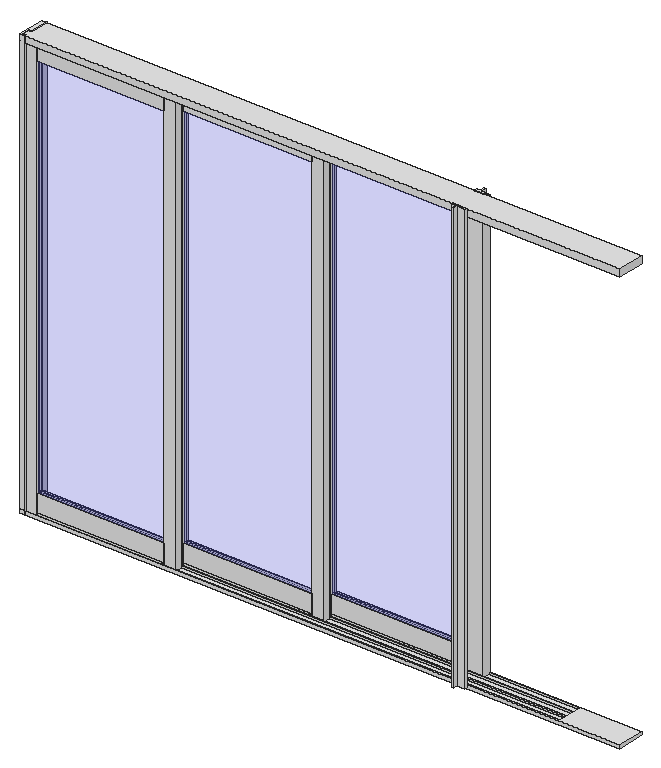
Revit family "Door-Sliding-All_Weather-Series_8100-Pocket", category Doors, host Wall, Revit 2026
Family settings
  Host = Wall
  Classification Number = 23.30.10.00
  Always vertical = Yes
  Cut with Voids When Loaded = No
  Shared = No
  Room Calculation Point = No
Parameters (values of type "Pocket Door - XXXP")
  Wall Thickness [instance] = 1' - 3"
  URL = "https://www.allweatheraa.com/"
  Type Comments = "Multi-Panel Sliding Door"  # constant formula
  Specification = ""
  Requested Opening Width = 8' - 0"
  Requested Height = 8' - 0"
  Product Page URL = "https://www.allweatheraa.com/doors/series-8100-sliding-doors/"
  Product Name = "Series 8100"  # constant formula
  Product Documentation Link = "https://www.allweatheraa.com/download/4291/"
  Pocket Width = Panel Width + 0' 2"  # 3' - 0.16667"
  Panel Width End Panel = Panel Width + 0' 1 27/128" + 0' 0 3/8"  # 2' - 11.7526"
  Panel Offset = if([3 Track], 0' 4 243/256", 0' 2 31/32")  # 0' - 4 243/256"
  Min Width = if([3 Track], (3 * Min Panel Width) + 0' 1 5/8", if([4 Track], (4 * Min Panel Width) + 0' 1 5/8", (2 * Min Panel Width) + 0' 1 5/8"))  # 5' - 3 1/8"
  Min Panel Width = 1' - 8 1/2"  # constant formula
  Max Width = if([3 Track], (3 * Max Panel Width) + 0' 1 5/8", if([4 Track], (4 * Max Panel Width) + 0' 1 5/8", (2 * Max Panel Width) + 0' 1 5/8"))  # 18' - 1 5/8"
  Max Panel Width = 6' - 0"  # constant formula
  Max Panel Height = 12' 0" + 0' 1 1/4"  # 12' - 1 1/4"
  Jamb Extensions = no
  Jamb Ext Finish = Metal-Aluminum-All_Weather-Standard-White
  Jamb Depth [instance] = if(Jamb Calc > 0' 0 1/8", Jamb Calc, 0' 0 1/8")  # 0' - 7 113/256"
  Jamb Calc [instance] = if(Offset > 0' 0", Wall Thickness - Thickness + Offset - 0' 1 143/256", Wall Thickness - Thickness - Inset - 0' 1 143/256")  # 0' - 7 113/256"
  End Panel Offset = if([4 Track], 0' 6 253/256", if([3 Track], 0' 4 253/256", 0' 2 253/256"))  # 0' - 4 253/256"
  Thickness = if([3 Track], 0' 6", if([4 Track], 0' 8", 0' 4"))  # 0' - 6"
  Rough Width = Width + 0' 1"  # 11' - 3.16667"
  Rough Height = Height + 0' 0 1/2"  # 8' - 0 1/2"
  Panel Width = if([3 Track], (Opening Width + (0' 3 1/4" * (Number of Panels - 1))) / Number of Panels, if([4 Track], (Opening Width + (0' 0 7/16" * (Number of Panels - 1))) / Number of Panels, (Opening Width + (0' 0" * (Number of Panels))) / Number of Panels) + 0' 1 15/16")  # 2' - 10.16667"
  Panel Thickness = 0' - 2"  # constant formula
  Panel Spacing = if([3 Track], 0' 2 1/2", 0' 2")  # 0' - 2 1/2"
  Panel Height = Height - 0' 0 15/16" - 0' 0 5/16"  # 7' - 10 3/4"
  Operation = "Sliding"  # constant formula
  Opening Width = if(Requested Opening Width > Max Width, Max Width, if(Requested Opening Width < Min Width, Min Width, Requested Opening Width))  # 8' - 0"
  Offset = 0' - 0"
  Number of Panels = if([3 Track], 3, if([4 Track], 4, 2))  # 3
  Model = "Thermally Broken Pocket Door"  # constant formula
  Manufacturer = "All Weather Architectural Aluminum"  # constant formula
  Interior Trim Finish = Metal-Aluminum-All_Weather-Standard-White
  Interior Trim = no
  Inset = 0' - 0"
  Glazing = Glass-All_Weather-OA-Insulated_Glass
  Function = Exterior
  Frame Projection Ext. = 0' - 1"
  Frame Projection Int. = 0' - 5 1/2"
  Frame Width = 0' - 3"
  Height = if(Requested Height > Max Panel Height, Max Panel Height, Requested Height)  # 8' - 0"
  Wall Closure = By host
  Width = Opening Width + Pocket Width + 0' 2"  # 11' - 2.16667"
  Finish = Metal-Aluminum-All_Weather-Standard-White
  Exterior Trim Finish = Metal-Aluminum-All_Weather-Standard-White
  Exterior Trim = no
  Description = if([2 Track], "XXP", if([3 Track], "XXXP", "XXXXP"))  # "XXXP"
  Center Panel Location = if([3 Track], 0' 0", (Panel Width / 2) - 0' 1 5/16")  # 0' - 0"
  Assembly Code = "B2030110"
  Analytic Construction = "<None>"
  4 Track = no
  Not 2 Track = or([3 Track], [4 Track])  # yes
  3 Track = yes
  2 Track = not(or([4 Track], [3 Track]))  # no
Reference planes (in)
  plane 1 "Center (Front/Back)": y = 0
  plane 2 "Center (Left/Right)": x = 0
  plane 3 "Left": x = -67.08333
  plane 4 "Right": x = 67.08333
  plane 5 "Top": z = 96
  plane 6 "Exterior": y = 7.5
  plane 7 "Interior": y = -7.5
  plane 8 "Nail Fin": y = 7.5
  plane 9 "Inset": y = 7.5
  plane 10 "Front": y = 5.93958
  plane 11 "Back": y = -0.06042
  plane 12 "Bottom of Sill": z = 1.3125
  plane 13 "Jamb Ext": y = -2.43141
  plane 14: x = 30.91667
  plane 15: x = -18.08333
  plane 16: x = 32.12583
  plane 17: z = 96
  plane 18: z = 96
  plane 19: y = 5.93958
  plane 20: y = 3.9593
  plane 21: z = 96
  plane 22: y = 1.97902
  plane 23: x = -67.08333
  plane 24: x = -67.08333
  plane 25: x = -67.08333
Forms (in)
  Extrusion 1, solid, material "Metal-Aluminum-All_Weather-Standard-White" <- "Exterior Trim Finish", visible <- "Exterior Trim"
    sketch origin (-90, 7.5, 0) x (-1, 0, 0) y (0, 0, 1)
      loop
        line (-22.91667, 95.63672) -> (-22.91667, 0) -> (-19.91667, 0) -> (-19.91667, 98.63672) -> (-123.91667, 98.63672) -> (-123.91667, 0) -> (-120.91667, 0) -> (-120.91667, 95.63672) -> (-22.91667, 95.63672)
    from 0 to 1
  Extrusion 2, solid, material "Metal-Aluminum-All_Weather-Standard-White" <- "Interior Trim Finish", visible <- "Interior Trim"
    sketch origin (-90, -7.5, 0) x (1, 0, 0) y (0, 0, 1)
      loop
        line (22.91667, 0) -> (22.91667, 95.63672) -> (120.91667, 95.63672) -> (120.91667, 0) -> (123.91667, 0) -> (123.91667, 98.63672) -> (19.91667, 98.63672) -> (19.91667, 0) -> (22.91667, 0)
    from -7.43958 to -1.93958
  Sweep 3, solid, material "Metal-Aluminum-All_Weather-Standard-White" <- "Finish", detail levels fine
    path origin (0, -0.06042, 0) x (-1, 0, 0) y (0, 0, 1)
      loop
        line (67.08333, 0) -> (67.08333, 96)
    profile origin (-67.08333, -0.06042, 48) x (1, 0, 0) y (0, 1, 0)
      loop
        line (1.11719, 1.90015) -> (1.11719, 6) -> (0, 6) -> (0, 0) -> (1.11719, 0) -> (1.11719, 0.23792) -> (0.375, 0.23792) -> (0.375, 1.90015) -> (1.11719, 1.90015)
  Extrusion 4, solid, material "Metal-Aluminum-All_Weather-Standard-White" <- "Jamb Ext Finish", visible <- "Jamb Extensions"
    sketch origin (0, 0, 0) x (1, 0, 0) y (0, 0, 1)
      loop
        line (-67.08333, 0) -> (-66.45833, 0) -> (-66.45833, 95.375) -> (30.29167, 95.375) -> (30.29167, 0) -> (30.91667, 0) -> (30.91667, 96) -> (-67.08333, 96) -> (-67.08333, 0)
    from 0.05859 to 7.5
  Sweep 5, solid, material "Metal-Aluminum-All_Weather-Standard-White" <- "Finish", detail levels fine
    path origin (0, 5.93958, 0) x (-1, 0, 0) y (0, 0, 1)
      loop
        line (-67.08333, 96) -> (67.08333, 96)
    profile origin (0, 5.93958, 96) x (0, 0, 1) y (0, 1, 0)
      loop
        line (0, 0) -> (-1.55859, 0) -> (-1.55859, -6) -> (0, -6) -> (0, 0)
  Sweep 6, solid, material "Metal-Aluminum-All_Weather-Standard-White" <- "Finish", detail levels fine
    path origin (0, 5.93958, 84) x (-1, 0, 0) y (0, 0, -1)
      loop
        line (-67.08333, 84) -> (67.08333, 84)
    profile origin (0, 5.93958, 0) x (0, 0, 1) y (0, 1, 0)
      loop
        line (0, 0) -> (0, -6) -> (0.75, -6) -> (0.75, 0) -> (0, 0)
  Extrusion 7, solid, material "Metal-Aluminum-All_Weather-Standard-White" <- "Finish", detail levels fine
    sketch origin (0, 0, 0) x (1, 0, 0) y (0, 1, 0)
      loop
        line (30.91667, 7.50042) -> (30.54042, 7.50042) -> (30.54042, 6.60341) -> (29.66999, 6.60341) -> (29.66999, 5.8559) -> (31.95702, 5.8559) -> (31.95702, 6.17816) -> (32.7464, 6.17816) -> (32.7464, 6.37749) -> (30.91667, 6.37749) -> (30.91667, 7.50042)
    from 0 to 96
  Extrusion 8, solid, material "Metal-Aluminum-All_Weather-Standard-White" <- "Finish", detail levels fine
    sketch origin (0, -5.08166, 0) x (1, 0, 0) y (0, 1, 0)
      loop
        line (30.91667, 3.74917) -> (30.91667, 4.62251) -> (32.7464, 4.62251) -> (32.7464, 5.07184) -> (29.66999, 5.07184) -> (29.66999, 4.64659) -> (30.54042, 4.64659) -> (30.54042, 3.74917) -> (30.91667, 3.74917)
    from 0 to 96
  Extrusion 9, solid, material "Metal-Aluminum-All_Weather-Standard-White" <- "Finish", detail levels coarse+medium
    sketch origin (0, 10, 0) x (1, 0, 0) y (0, 1, 0)
      loop
        line (29.66999, -10.00982) -> (29.66999, -11.33249) -> (30.91667, -11.33249) -> (30.91667, -10.00982) -> (29.66999, -10.00982)
      loop
        line (29.66999, -4.12849) -> (30.91667, -4.12849) -> (30.91667, -2.5) -> (29.66999, -2.5) -> (29.66999, -4.12849)
    from 0 to 96
  Sweep 10, void
    path origin (-17.18619, 5.93958, 12) x (-1, 0, 0) y (0, 0, 1)
      loop
        line (-71.03385, 84) -> (-71.03385, -12) -> (63.13281, -12) -> (63.13281, 84) -> (-71.03385, 84)
    profile origin (-13.23567, 5.93958, 96) x (0, 0, 1) y (0, 1, 0)
      loop
        line (-0.37157, -0.16896) -> (-1.55859, -0.16896) -> (-1.55859, -1.82125) -> (-0.37157, -1.82125) -> (-0.37157, -0.16896)
  Sweep 11, void
    path origin (-17.18619, 3.9593, 12) x (-1, 0, 0) y (0, 0, 1)
      loop
        line (-71.03385, 84) -> (-71.03385, -12) -> (63.13281, -12) -> (63.13281, 84) -> (-71.03385, 84)
    profile origin (-13.23567, 3.9593, 96) x (0, 0, 1) y (0, 1, 0)
      loop
        line (-0.37157, -0.16896) -> (-1.55859, -0.16896) -> (-1.55859, -1.82125) -> (-0.37157, -1.82125) -> (-0.37157, -0.16896)
  Extrusion 12, solid, material "Metal-Aluminum-All_Weather-Standard-White" <- "Finish", detail levels coarse+medium
    sketch origin (0, 5.93958, 0) x (-1, 0, 0) y (0, 0, 1)
      loop
        line (-67.08333, 0) -> (67.08333, 0) -> (67.08333, 96) -> (-67.08333, 96) -> (-67.08333, 94.44141) -> (65.96615, 94.44141) -> (65.96615, 0.75) -> (-67.08333, 0.75) -> (-67.08333, 0)
    from 0 to -6
  Sweep 13, void
    path origin (-17.18619, 1.97902, 12) x (-1, 0, 0) y (0, 0, 1)
      loop
        line (-71.03385, 84) -> (-71.03385, -12) -> (63.13281, -12) -> (63.13281, 84) -> (-71.03385, 84)
    profile origin (-13.23567, 1.97902, 96) x (0, 0, 1) y (0, 1, 0)
      loop
        line (-0.37157, -0.16896) -> (-1.55859, -0.16896) -> (-1.55859, -1.82125) -> (-0.37157, -1.82125) -> (-0.37157, -0.16896)
Cuts and joins
  Sweep 10, Sweep 11, Sweep 13 cuts Sweep 3
  Sweep 10, Sweep 11, Sweep 13 cuts Sweep 5
  Sweep 10, Sweep 11, Sweep 13 cuts Sweep 6
Lines and regions (in)
  Opening 1
    outline origin (-90, -7.5, 0) x (1, 0, 0) y (0, 0, 1)
      loop
        line (22.91667, 0) -> (120.91667, 0) -> (120.91667, 96) -> (22.91667, 96) -> (22.91667, 0)
  Masking region 1
    outline origin (0, 0, 0) x (1, 0, 0) y (0, 1, 0)
      loop
        line (33.01042, 6.37708) -> (33.01042, 4.19934) -> (30.91667, 4.19934) -> (30.91667, -0.45915) -> (67.08333, -0.45915) -> (67.08333, 6.37708) -> (33.01042, 6.37708)
Text (in)
  text "Exterior" at (-74.96733, 27.31104, 0), in view "Ref. Level"
  text "Interior" at (-74.96733, -25.14366, 0), in view "Ref. Level"
  text "Exterior" at (0, 40.15149, 123.01588), in view "Right"
  text "Interior" at (0, -64.39139, 123.01588), in view "Right"
  text "Interior" at (0, -31.01599, 123.00693), in view "Left"
  text "Exterior" at (0, 54.57065, 123.00693), in view "Left"
Dimensions and locks (in)
  equal spacing: plane 3 "Left", plane 2 "Center (Left/Right)", plane 4 "Right"
  "Height": level to plane 5 "Top"
  "Width": plane 3 "Left" to plane 4 "Right"
  "Frame Width": Extrusion 2 sketch curve to plane 3 "Left"
  "Frame Width": Extrusion 2 sketch curve to plane 14
  "Frame Width": Extrusion 1 sketch curve to Extrusion 1 sketch curve  (x3)
  "Frame Projection Int.": Extrusion 2 to plane 11 "Back"
  "Frame Projection Ext.": Extrusion 1 to host wall
  "Offset": plane 8 "Nail Fin" to plane 9 "Inset"
  "Inset": plane 6 "Exterior" to plane 9 "Inset"
  locked: plane 8 "Nail Fin" to plane 10 "Front" at 1.56042
  "Thickness": plane 10 "Front" to plane 11 "Back"
  locked: plane 12 "Bottom of Sill" to level at 1.3125
  locked: Extrusion 1 sketch curve to plane 5 "Top" at 0.36328
  locked: Extrusion 2 sketch curve to plane 5 "Top" at 0.36328
  "Frame Width": Extrusion 2 sketch curve to Extrusion 2 sketch curve
  plane 3 "Left" to nested 4 = 0' - 3 71/128"
  plane 5 "Top" to level = 8' - 0"
  locked: nested 1 to plane 5 "Top"
  locked: plane 10 "Front" to nested 2
  locked: Extrusion 4 sketch curve to Extrusion 2 at 0.625
  locked: Extrusion 4 sketch curve to plane 14 at 0.625
  locked: plane 5 "Top" to Extrusion 4 sketch curve at 0.625
  "Jamb Depth": Extrusion 4 to Extrusion 4
  "Wall Thickness": host wall to host wall
  nested 4 to nested 4 = 7' - 10.73785"
  nested 4 to nested 1 = 0' - 0 15/16"
  locked: plane 8 "Nail Fin" to nested 3 at 4.55056
  locked: nested 5 to plane 11 "Back" at 3.00986
  "Center Panel Location": plane 15 to nested 3
  "Center Panel Location": nested 5 to plane 15
  plane 3 "Left" to plane 4 "Right" = 11' - 2.16667"
  "End Panel Offset": plane 10 "Front" to nested 4
  locked: plane 3 "Left" to nested 4 at 0.375
  Sweep 3 sketch curve to Sweep 3 sketch curve to Sweep 3 sketch curve to Sweep 3 sketch curve to profile plane = 0' - 0" locked, 0' - 0 95/128" locked, 0' - 0 3/8" locked, 0' - 0" locked
  Sweep 3 sketch curve to Sweep 3 sketch curve to Sweep 3 sketch curve = 0' - 1.66223" locked, 0' - 0.23792" locked
  "Thickness": Sweep 3 sketch curve to Sweep 3 sketch curve
  locked: profile plane to Sweep 3 sketch curve
  "Pocket Width": plane 14 to plane 4 "Right"
  locked: nested 9 to plane 14 at 1.24668
  locked: plane 10 "Front" to nested 9 at 1.56084
  locked: nested 6 to plane 14 at 0.39844
  locked: nested 8 to plane 14 at 1.24668
  locked: plane 10 "Front" to Masking region 1 sketch curve at 0.4375
  locked: plane 11 "Back" to nested 8 at 1.27207
  equal spacing: plane 3 "Left", plane 15, plane 14
  locked: plane 14 to plane 16 at 1.20916
  locked: plane 11 "Back" to Masking region 1 sketch curve at 0.39873
  locked: nested 10 to plane 4 "Right" at 0.25
  locked: profile plane to nested 1
  "Thickness": Sweep 5 sketch curve to Sweep 5 sketch curve
  nested 1 to profile plane to nested 1 = 0' - 1 143/256" locked, 0' - 0" locked
  "Thickness": Sweep 6 sketch curve to Sweep 6 sketch curve
  profile plane to nested 7 to nested 7 = 0' - 0" locked, 0' - 0 3/4" locked
  profile plane to Sweep 6 sketch curve = 0' - 0"
  "Thickness": Sweep 3 to Sweep 6 sketch curve
  Extrusion 7 sketch curve to Extrusion 7 sketch curve to Extrusion 7 sketch curve to Extrusion 7 sketch curve to plane 9 "Inset" to Extrusion 7 sketch curve = 0' - 0.32226" locked, 0' - 0.19934" locked, 0' - 0.22591" locked, 0' - 0.89659" locked, 0' - 0.00042" locked
  Extrusion 7 sketch curve to Extrusion 7 sketch curve to Extrusion 7 sketch curve to plane 14 to Extrusion 7 sketch curve to Extrusion 7 sketch curve = 0' - 0.87043" locked, 0' - 0.37625" locked, 0' - 0" locked, 0' - 1.04036" locked, 0' - 0.78938" locked
  Extrusion 8 sketch curve to Extrusion 8 sketch curve to Extrusion 8 sketch curve to Sweep 6 to Extrusion 8 sketch curve = 0' - 0.87334" locked, 0' - 0.02409" locked, 0' - 0.37464" locked, 0' - 0.05061" locked
  Extrusion 8 sketch curve to Extrusion 8 sketch curve to Extrusion 8 sketch curve to plane 14 to Extrusion 8 sketch curve = 0' - 0.87043" locked, 0' - 0.37625" locked, 0' - 0" locked, 0' - 1.82973" locked
  Extrusion 9 sketch curve to plane 11 "Back" to Extrusion 9 sketch curve = 0' - 0.05061" locked, 0' - 1.27207" locked
  Extrusion 9 sketch curve to Extrusion 9 sketch curve to plane 14 = 0' - 1.24668" locked, 0' - 0" locked
  Extrusion 9 sketch curve to plane 10 "Front" to Extrusion 9 sketch curve = 0' - 1.56042" locked, 0' - 0.06807" locked
  nested 9 to plane 14 to Extrusion 9 sketch curve = 0' - 1.24668" locked, 0' - 0" locked
  Sweep 10 sketch curve to Sweep 10 sketch curve to profile plane = 0' - 1.18702" locked, 0' - 0.37157" locked
  profile plane to Sweep 10 sketch curve to Sweep 10 sketch curve = 0' - 0.16896" locked, 0' - 1.65229" locked
  Sweep 11 sketch curve to Sweep 11 sketch curve to profile plane = 0' - 1.18702" locked, 0' - 0.37157" locked
  profile plane to Sweep 11 sketch curve to Sweep 11 sketch curve = 0' - 0.16896" locked, 0' - 1.65229" locked
  equal spacing: group 1, group 2, group 3  (x2)
  equal spacing: group 3, group 2, group 1
  "Height": Sweep 10 sketch curve to plane 17
  "Width": Sweep 10 sketch curve to Sweep 10 sketch curve
  "Height": Sweep 11 sketch curve to plane 18
  "Width": Sweep 11 sketch curve to Sweep 11 sketch curve
  locked: plane 5 "Top" to plane 17
  locked: plane 5 "Top" to plane 18 at 0
  level to Extrusion 12 sketch curve to Extrusion 12 sketch curve = 0' - 0" locked, 0' - 0 3/4" locked
  locked: Extrusion 12 sketch curve to plane 3 "Left" at 1.11719
  locked: Extrusion 12 sketch curve to plane 5 "Top" at 1.55859
  "Thickness": plane 10 "Front" to Extrusion 12
  plane 8 "Nail Fin" to plane 19 to plane 20 = 0' - 1.56042" locked, 0' - 1.98028" locked
  Sweep 13 sketch curve to Sweep 13 sketch curve to profile plane = 0' - 1.18702" locked, 0' - 0.37157" locked
  profile plane to Sweep 13 sketch curve to Sweep 13 sketch curve = 0' - 0.16896" locked, 0' - 1.65229" locked
  "Height": Sweep 13 sketch curve to plane 21
  "Width": Sweep 13 sketch curve to Sweep 13 sketch curve
  locked: Masking region 1 sketch curve to Masking region 1 sketch curve at 2.17774
  locked: plane 23 to plane 3 "Left" at 0
  locked: plane 24 to plane 3 "Left" at 0
  locked: plane 10 "Front" to nested 6 at 1
  Masking region 1 sketch curve to plane 14 to Masking region 1 sketch curve = 0' - 0" locked, 0' - 2 3/32" locked
  aligned and locked: plane 3 "Left" to Opening 1 sketch curve
  aligned and locked: plane 5 "Top" to Opening 1 sketch curve  (x2)
  aligned and locked: Opening 1 sketch curve to level
  aligned and locked: plane 3 "Left" to Extrusion 1 sketch curve
  aligned and locked: Extrusion 1 sketch curve to plane 3 "Left"
  aligned and locked: level to Extrusion 1 sketch curve
  aligned and locked: Extrusion 1 to host wall
  aligned and locked: plane 3 "Left" to Extrusion 2 sketch curve
  aligned and locked: level to Extrusion 2 sketch curve
  aligned and locked: Extrusion 2 sketch curve to level
  aligned and locked: plane 6 "Exterior" to host wall
  aligned and locked: host wall to plane 7 "Interior"
  aligned and locked: plane 3 "Left" to Sweep 3 sketch curve
  aligned and locked: nested 1 to plane 10 "Front"
  aligned and locked: plane 7 "Interior" to Extrusion 4
  aligned and locked: nested 2 to plane 3 "Left"
  aligned and locked: nested 7 to plane 11 "Back"
  aligned and locked: Opening 1 sketch curve to plane 14
  aligned and locked: plane 14 to nested 9
  aligned and locked: Extrusion 1 sketch curve to plane 14
  aligned and locked: plane 4 "Right" to Masking region 1 sketch curve
  aligned and locked: plane 11 "Back" to Extrusion 2
  aligned and locked: nested 10 to nested 4
  aligned and locked: plane 14 to Extrusion 4 sketch curve
  aligned and locked: plane 5 "Top" to Sweep 5 sketch curve
  aligned and locked: plane 3 "Left" to Sweep 5 sketch curve
  aligned and locked: plane 4 "Right" to Sweep 5 sketch curve
  aligned and locked: Sweep 6 to level
  aligned and locked: plane 14 to Extrusion 2 sketch curve
  aligned and locked: Extrusion 7 to plane 5 "Top"
  aligned and locked: Extrusion 8 to plane 5 "Top"
  aligned and locked: Extrusion 8 to level
  aligned and locked: Extrusion 7 to level
  aligned and locked: Extrusion 9 to plane 5 "Top"
  aligned and locked: Extrusion 9 to level
  aligned and locked: Extrusion 12 sketch curve to plane 5 "Top"
  aligned and locked: plane 3 "Left" to Extrusion 12 sketch curve
  aligned and locked: Extrusion 12 sketch curve to plane 4 "Right"  (x2)
  aligned and locked: plane 10 "Front" to Extrusion 12
Automatic sketch dimensions
  Sweep 3 sketch curve to level = 0' - 0"
  Sweep 3 sketch curve to plane 5 "Top" = 0' - 0"
  plane 3 "Left" to Extrusion 4 sketch curve = 0' - 0"
  Extrusion 4 sketch curve to level = 0' - 0"  (x2)
  Extrusion 4 sketch curve to plane 5 "Top" = 0' - 0"
  Sweep 6 sketch curve to level = 0' - 0"
  plane 4 "Right" to Sweep 6 sketch curve = 0' - 0"
  plane 3 "Left" to Sweep 6 sketch curve = 0' - 0"
  Extrusion 9 sketch curve to Extrusion 9 sketch curve = 0' - 1.24668"
  Sweep 10 sketch curve to plane 17 = 0' - 0"
  Sweep 11 sketch curve to plane 18 = 0' - 0"
  Sweep 13 sketch curve to plane 21 = 0' - 0"
  Extrusion 1 sketch curve to level = 0' - 0"
  Extrusion 2 sketch curve to level = 0' - 0"
  Sweep 5 sketch curve to plane 10 "Front" = 0' - 0"
  profile plane to Sweep 5 sketch curve = 0' - 0"
  profile plane to Sweep 5 sketch curve = 0' - 1 143/256"
  profile plane to Sweep 6 sketch curve = 0' - 0"
  Sweep 6 sketch curve to profile plane = 0' - 0 3/4"
Nested families (in)
  nested 1: "Detail-All_Weather-Series_8100_Jamb" at (0, 4.52161, 96.94141) x (0, -1, 0) z (-1, 0, 0), type "Header"
    with Thickness 0' - 6", 3 Track yes
  nested 2: "Detail-All_Weather-Series_8100_Jamb" at (-68.46615, 4.52161, 0) x (0, -1, 0) z (0, 0, -1), type "Jamb"
    with Thickness 0' - 6", 3 Track yes
  nested 3: "Nested-Panel-All_Weather-Series_8100" at (-18.08333, 2.83608, 0), visible <- "Not 2 Track", type "Center Panel"
    with Width 2' - 10.16667", Pocket Jamb no, Height 8' - 0"
  nested 4: "Nested-Panel-All_Weather-Series_8100" at (-49.625, 0.83794, 0), type "Pull Left"
    with Width 2' - 10.16667", Pocket Jamb no, Height 8' - 0"
  nested 5: "Nested-Panel-All_Weather-Series_8100" at (-18.08333, 2.83608, 0), visible <- "4 Track", type "Center Panel"
    with Width 2' - 10.16667", Pocket Jamb no, Height 8' - 0"
  nested 6: "Nested-Panel-All_Weather-Series_8100" at (13.4349, 4.82622, 0), type "Pocket Jamb"
    with Width 2' - 10.16667", Thickness 2' - 11.7526", Pull Right no, Jamb Offset 0' - 0", Center Panel Left yes, Pull Offset Right 0' - 2 79/128", Height 8' - 0"
  nested 7: "Detail-All_Weather-Series_8100_Footer" at (0, 1.35755, -1.75) x (0, 1, 0) z (1, 0, 0), type "Footer"
    with Thickness 0' - 6", 4 Track no
  nested 8: "Detail-All_Weather-Series_8100_Clip" at (31.08796, -2.20359, 0), type "Clip 2"
  nested 9: "Detail-All_Weather-Series_8100_Clip" at (31.08796, 8.37151, 0), type "Clip"
  nested 10: "Detail-All_Weather-Series_8100_Bumper" at (67.58333, 1.37913, 0) x (0, 1, 0) z (0, 0, 1), type "Jamb"
    with Thickness 0' - 6", 3 Track yes
Definition of nested family "Nested-Panel-All_Weather-Series_8100"
  Parameters (values of type "Pocket Jamb")
    Width = 2' - 2 17/64"
    URL = "http://www.weathershield.com"
    Type Comments = "Panel with Inside Jamb"
    Thickness = 2' - 3 109/128"
    Specification = ""
    Sill Offset = 0' - 1 3/4"
    Pull Right = yes
    Pull Offset Left = if(Pull Left, 0' 3 23/128", 0' 2 79/128")  # 0' - 2 79/128"
    Pull Left = no
    Product Page URL = "https://www.allweatheraa.com/doors/series-8100-sliding-doors/"
    Product Documentation Link = "https://www.allweatheraa.com/download/4291/"
    Pocket Jamb = yes
    Jamb Offset = 0' - 1 119/128"
    Center Panel Right = no
    Center Panel Left = no
    Model = "Multislide"  # constant formula
    Manufacturer = "All Weather Architectural Aluminum"  # constant formula
    Pull Offset Right = if(Pull Right, 0' 3 23/128", 0' 2 79/128")  # 0' - 3 23/128"
    Height = 7' - 0"
    Glass = none
    Finish = none
    Description = "Multislide Door Panel"  # constant formula
    Default Elevation = 4' - 0"
    Arrow Right = no
    Arrow Left = yes
  Types (4): name | Width | Thickness | Pull Right | Pull Offset Left | Pull Left | Jamb Offset | Center Panel Right | Center Panel Left | Pull Offset Right
    Pull Right | 2' - 3 109/128" | 0' - 8" | yes | 0' - 2 79/128" | no | 0' - 0" | no | yes | 0' - 3 23/128"
    Pull Left | 2' - 2 17/64" | 0' - 2" | no | 0' - 3 23/128" | yes | 0' - 0" | yes | no | 0' - 2 79/128"
    Pocket Jamb | 2' - 2 17/64" | 2' - 3 109/128" | yes | 0' - 2 79/128" | no | 0' - 1 119/128" | no | no | 0' - 3 23/128"
    Center Panel | 2' - 2 17/64" | 0' - 2" | no | 0' - 2 79/128" | no | 0' - 0" | yes | yes | 0' - 2 79/128"
  Reference planes (in)
    plane 1 "Center (Front/Back)": y = -13.0625
    plane 2 "Bottom": z = 0
    plane 3 "Center (Left/Right)": x = 0
    plane 4 "Front": y = 0.86328
    plane 5 "Back": y = -26.98828
    plane 6 "Left": x = -13.13281
    plane 7 "Right": x = 13.13281
    plane 8 "Top": z = 84
    plane 9 "Glass Front": y = 0.61336
    plane 10 "Glass Back": y = -0.38664
    plane 11 "Glass Top": z = 80.54381
    plane 12 "Glass Bottom": z = 4.79539
    plane 13 "Glass Left": x = -11.17662
    plane 14 "Glass Right": x = 10.62393
    plane 15 "Center (Elevation)": z = 42.6696
    plane 16 "DLO Bottom": z = 5.45639
    plane 17 "DLO Top": z = 79.88281
    plane 18 "DLO Left": x = -10.51562
    plane 19 "DLO Right": x = 9.95313
    plane 20: y = 0.11336
    plane 21: x = 11.54297
    plane 22: x = -11.82422
    plane 23: z = 0.32465
    plane 24: z = 83.0625
  Forms (in)
    Extrusion 1, solid, material <- "Glass"
      sketch origin (0, 0, 0) x (1, 0, 0) y (0, 1, 0)
        loop
          line (-11.17662, -0.38664) -> (10.62393, -0.38664) -> (10.62393, 0.61336) -> (-11.17662, 0.61336) -> (-11.17662, -0.38664)
      from 4.79539 to 80.54381
    Sweep 2, solid, material <- "Finish", detail levels medium+fine
      path origin (0, 0.61336, -0.65988) x (-1, 0, 0) y (0, 0, 1)
        loop
          line (-9.95313, 0.32465) -> (10.51562, 0.32465)
      profile origin (-0.28125, 0.61336, -0.33524) x (0, 0, 1) y (0, 1, 0)
        loop
          line (0.65988, 0.2514) -> (0.65988, -1.24862) -> (1.47003, -1.24862) -> (1.47003, -1.20462) -> (5.40973, -1.20462) -> (5.40973, -1) -> (4.74873, -1) -> (4.74873, 0) -> (5.40973, 0) -> (5.40973, 0.2074) -> (1.47003, 0.2074) -> (1.47003, 0.2514) -> (0.65988, 0.2514)
    Sweep 3, solid, material <- "Finish", visible <- "Pull Left", detail levels medium+fine
      path origin (0, 0.86328, 0) x (-1, 0, 0) y (0, 0, 1)
        loop
          line (13.13281, 0.32465) -> (13.13281, 83.0625)
      profile origin (-13.13281, 0.86328, 41.69357) x (1, 0, 0) y (0, 1, 0)
        loop
          line (0, 0) -> (0, -1.5) -> (3.17969, -1.5) -> (3.17969, -1.31202) -> (2.51869, -1.31202) -> (2.51869, -0.188) -> (3.17969, -0.188) -> (3.17969, 0) -> (0, 0)
    Sweep 4, solid, material <- "Finish", visible <- "Center Panel Right", detail levels medium+fine
      path origin (0, 0.86328, 0) x (1, 0, 0) y (0, 0, 1)
        loop
          line (13.13281, 0.32465) -> (13.13281, 83.0625)
      profile origin (13.13281, 0.86328, 41.69357) x (1, 0, 0) y (0, 1, 0)
        loop
          line (0, 0.00351) -> (-1.69231, 0.00351) -> (-1.69231, 0.30472) -> (-2.45445, 0.30472) -> (-2.45445, 0.2427) -> (-1.83561, 0.1854) -> (-1.83561, 0.00137) -> (-2.61719, 0.00137) -> (-2.61719, -0.25185) -> (-1.94638, -0.25185) -> (-1.94638, -1.25003) -> (-2.61719, -1.25003) -> (-2.61719, -1.5001) -> (0, -1.5001) -> (0, 0.00351)
    Sweep 5, solid, material <- "Finish", detail levels medium+fine
      path origin (0, 0.61336, 0) x (-1, 0, 0) y (0, 0, 1)
        loop
          line (10.51562, 84) -> (-9.95313, 84)
      profile origin (-0.28125, 0.61336, 84) x (0, 0, -1) y (0, 1, 0)
        loop
          line (0.9375, -1.24862) -> (4.41713, -1.24862) -> (4.41713, -1) -> (3.75613, -1) -> (3.75613, 0.0013) -> (4.41713, 0.0013) -> (4.41713, 0.2514) -> (0.9375, 0.2514) -> (0.9375, -1.24862)
    Extrusion 6, solid, material <- "Finish", visible <- "Center Panel Left", detail levels medium+fine
      sketch origin (0, 0, 0) x (1, 0, 0) y (0, 1, 0)
        loop
          line (-13.13281, 0.86328) -> (-13.13281, -1.02734) -> (-12.47079, -1.02734) -> (-12.37298, -1.00113) -> (-12.37298, -0.96526) -> (-13.00779, -0.96526) -> (-13.00779, -0.63506) -> (-10.51562, -0.63506) -> (-10.51562, -0.38664) -> (-11.18602, -0.38664) -> (-11.18602, 0.61336) -> (-10.51562, 0.61336) -> (-10.51562, 0.86328) -> (-13.13281, 0.86328)
      from 0.32465 to 83.0625
    Extrusion 7, solid, material <- "Finish", detail levels coarse
      sketch origin (0, 0.61336, 0) x (-1, 0, 0) y (0, 0, 1)
        loop
          line (13.13281, 83.0625) -> (-15.0625, 83.0625) -> (-15.0625, 0.32465) -> (13.13281, 0.32465) -> (13.13281, 83.0625)
        loop
          line (-9.95313, 5.07449) -> (10.51562, 5.07449) -> (10.51562, 79.88281) -> (-9.95313, 79.88281) -> (-9.95313, 5.07449)
      from -1.2501 to 0.24993
    Sweep 8, solid, material <- "Finish", visible <- "Pull Right", detail levels medium+fine
      path origin (0, 0.86328, 0) x (1, 0, 0) y (0, 0, 1)
        loop
          line (13.13281, 0.32465) -> (13.13281, 83.0625)
      profile origin (13.13281, 0.86328, 41.69357) x (1, 0, 0) y (0, 1, 0)
        loop
          line (0, 0) -> (-3.18036, 0) -> (-3.18036, -0.188) -> (-2.56317, -0.188) -> (-2.56317, -1.31202) -> (-3.18036, -1.31202) -> (-3.18036, -1.5) -> (0, -1.5) -> (0, 0)
    Sweep 9, solid, material <- "Finish", visible <- "Pocket Jamb", detail levels medium+fine
      path origin (2.90151, 0.86328, 0) x (1, 0, 0) y (0, 0, 1)
        loop
          line (10.23131, 0.32465) -> (10.23131, 83.0625)
      profile origin (13.13281, 0.86328, 41.69357) x (1, 0, 0) y (0, 1, 0)
        loop
          line (2.49219, 0.40107) -> (1.69363, 0.40107) -> (1.69363, 0.34091) -> (2.39053, 0.27637) -> (2.39053, 0.00137) -> (-2.61719, 0.00137) -> (-2.61719, -0.25185) -> (-1.94638, -0.25185) -> (-1.94638, -1.25003) -> (-2.61719, -1.25003) -> (-2.61719, -1.5001) -> (2.49219, -1.5001) -> (2.49219, 0.40107)
  Lines and regions (in)
    Masking region 1, detail levels coarse
      outline origin (0, 0, 0) x (1, 0, 0) y (0, 1, 0)
        loop
          line (-10.51562, 0.61336) -> (-10.51562, -0.38664) -> (9.95312, -0.38664) -> (9.95312, 0.61336) -> (-10.51562, 0.61336)
    Masking region 2, detail levels medium+fine
      outline origin (0, 0, 0) x (1, 0, 0) y (0, 1, 0)
        loop
          line (-11.17662, 0.61336) -> (-11.17662, 0.43452) -> (10.62393, 0.43452) -> (10.62393, 0.61336) -> (-11.17662, 0.61336)
        loop
          line (-11.17662, -0.2078) -> (-11.17662, -0.38664) -> (10.62393, -0.38664) -> (10.62393, -0.2078) -> (-11.17662, -0.2078)
    Masking region 3, detail levels coarse
      outline origin (0, 0, 0) x (0, 1, 0) y (0, 0, 1)
        loop
          line (0.61336, 5.45639) -> (0.61336, 80.09881) -> (-0.38664, 80.09881) -> (-0.38664, 5.45639) -> (0.61336, 5.45639)
    Masking region 4, detail levels medium+fine
      outline origin (0, 0, 0) x (0, 1, 0) y (0, 0, 1)
        loop
          line (0.61336, 4.79539) -> (0.61336, 80.54381) -> (0.43582, 80.54381) -> (0.43582, 4.79539) -> (0.61336, 4.79539)
        loop
          line (-0.2065, 4.79539) -> (-0.2065, 80.54381) -> (-0.38664, 80.54381) -> (-0.38664, 4.79539) -> (-0.2065, 4.79539)
    symbolic lines, visible <- "Arrow Left"
      curve 1: line (-8.76562, 0.61336, 39.6696) -> (-8.76562, 0.61336, 45.6696)
      curve 2: line (-8.76562, 0.61336, 39.6696) -> (-5.76562, 0.61336, 42.6696)
      curve 3: line (-5.76562, 0.61336, 42.6696) -> (-8.76562, 0.61336, 45.6696)
    symbolic lines, visible <- "Arrow Right"
      curve 4: line (8.76562, 0.61336, 39.6696) -> (8.76562, 0.61336, 45.6696)
      curve 5: line (8.76562, 0.61336, 39.6696) -> (5.76562, 0.61336, 42.6696)
      curve 6: line (5.76562, 0.61336, 42.6696) -> (8.76562, 0.61336, 45.6696)
  Dimensions and locks (in)
    equal spacing: plane 6 "Left", plane 3 "Center (Left/Right)", plane 7 "Right"
    "Width": plane 6 "Left" to plane 7 "Right"
    equal spacing: plane 4 "Front", plane 1 "Center (Front/Back)", plane 5 "Back"
    "Thickness": plane 4 "Front" to plane 5 "Back"
    plane 4 "Front" to plane 9 "Glass Front" to plane 10 "Glass Back" = 0' - 0.24993", 0' - 1" locked
    locked: plane 8 "Top" to plane 11 "Glass Top" at 3.45619
    locked: plane 12 "Glass Bottom" to level at 4.79539
    locked: plane 13 "Glass Left" to Masking region 1 sketch curve at 0.661
    locked: Masking region 1 sketch curve to plane 14 "Glass Right" at 0.67081
    locked: plane 10 "Glass Back" to Masking region 2 sketch curve at 0.17884
    locked: plane 9 "Glass Front" to Masking region 2 sketch curve at 0.17884
    locked: plane 11 "Glass Top" to Masking region 3 sketch curve at 0.445
    locked: Masking region 3 sketch curve to plane 12 "Glass Bottom" at 0.661
    equal spacing: plane 11 "Glass Top", plane 15 "Center (Elevation)", plane 12 "Glass Bottom"
    locked: plane 16 "DLO Bottom" to plane 12 "Glass Bottom" at 0.661
    locked: plane 11 "Glass Top" to plane 17 "DLO Top" at 0.661
    "Pull Offset Left": plane 6 "Left" to plane 18 "DLO Left"
    "Pull Offset Right": plane 19 "DLO Right" to plane 7 "Right"
    equal spacing: plane 10 "Glass Back", plane 20, plane 9 "Glass Front"
    equal spacing: plane 19 "DLO Right", plane 21, plane 7 "Right"
    equal spacing: plane 6 "Left", plane 22, plane 18 "DLO Left"
    nested 1 to nested 1 = 0' - 2 79/128"
    Sweep 2 sketch curve to Sweep 2 sketch curve to Sweep 2 sketch curve to Sweep 2 sketch curve to Sweep 2 sketch curve to Sweep 2 sketch curve to level = 0' - 0" locked, 0' - 0.661" locked, 0' - 3.2787" locked, 0' - 0" locked, 0' - 0.81014" locked, 0' - 0.32465"
    Sweep 2 sketch curve to Sweep 2 sketch curve to Sweep 2 sketch curve to profile plane to Sweep 2 sketch curve to Sweep 2 sketch curve to Sweep 2 sketch curve = 0' - 0.044" locked, 0' - 0.2074" locked, 0' - 0" locked, 0' - 1" locked, 0' - 0.20462" locked, 0' - 0.044" locked
    locked: plane 23 to level at 0.32465
    profile plane to nested 2 to Sweep 3 sketch curve to Sweep 3 sketch curve to Sweep 3 sketch curve = 0' - 0" locked, 0' - 2.51869" locked, 0' - 0.661" locked, 0' - 0" locked
    Sweep 3 sketch curve to Sweep 3 sketch curve to Sweep 3 sketch curve to Sweep 3 sketch curve to profile plane = 0' - 0.18798" locked, 0' - 1.12402" locked, 0' - 0.188" locked, 0' - 0" locked
    Sweep 4 sketch curve to Sweep 4 sketch curve to Sweep 4 sketch curve to Sweep 4 sketch curve to Sweep 4 sketch curve to profile plane to Sweep 4 sketch curve to Sweep 4 sketch curve to Sweep 4 sketch curve = 0' - 0.06202" locked, 0' - 0.05729" locked, 0' - 0.18189" locked, 0' - 0.00214" locked, 0' - 0.00137" locked, 0' - 0.25185" locked, 0' - 0.99817" locked, 0' - 0.25007" locked
    Sweep 4 sketch curve to Sweep 4 sketch curve to Sweep 4 sketch curve to Sweep 4 sketch curve to Sweep 4 sketch curve to Sweep 4 sketch curve to profile plane = 0' - 0" locked, 0' - 0.16274" locked, 0' - 0.50807" locked, 0' - 0.11078" locked, 0' - 0.1433" locked, 0' - 1.69231" locked
    curve 3 to curve 3 to plane 15 "Center (Elevation)" to curve 2 = 0' - 3" locked, 0' - 0" locked, 0' - 3" locked
    plane 6 "Left" to curve 1 to curve 3 = 0' - 4 47/128" locked, 0' - 3" locked
    locked: plane 8 "Top" to plane 24 at 0.9375
    profile plane to Sweep 3 to Sweep 5 sketch curve to Sweep 5 sketch curve to Sweep 5 sketch curve = 0' - 0 15/16" locked, 0' - 2.81863" locked, 0' - 0.661" locked, 0' - 0" locked
    Sweep 5 sketch curve to Sweep 5 sketch curve to profile plane to Sweep 5 sketch curve to Sweep 5 sketch curve = 0' - 0.2501" locked, 0' - 0.0013" locked, 0' - 1" locked, 0' - 0.24862" locked
    "Height": plane 8 "Top" to plane 2 "Bottom"
    locked: plane 13 "Glass Left" to plane 18 "DLO Left" at 0.661
    locked: plane 19 "DLO Right" to plane 14 "Glass Right" at 0.67081
    Extrusion 6 sketch curve to Extrusion 6 sketch curve to Extrusion 6 sketch curve to Extrusion 6 sketch curve to Extrusion 6 sketch curve to Extrusion 6 sketch curve to plane 4 "Front" = 0' - 0.06208" locked, 0' - 0.3302" locked, 0' - 0.24842" locked, 0' - 1" locked, 0' - 0.24993" locked, 0' - 0" locked
    Extrusion 6 sketch curve to plane 6 "Left" to Extrusion 6 sketch curve to Extrusion 6 sketch curve to Extrusion 6 sketch curve to Extrusion 6 sketch curve to Extrusion 6 sketch curve = 0' - 0" locked, 0' - 0.66202" locked, 0' - 0.09781" locked, 0' - 1.18696" locked, 0' - 0.67039" locked, 0' - 0" locked
    locked: Extrusion 7 to plane 10 "Glass Back" at 0.2501
    Extrusion 6 to plane 17 "DLO Top" = 0' - 3 23/128"
    locked: plane 9 "Glass Front" to Masking region 4 sketch curve at 0.17754
    locked: Masking region 4 sketch curve to plane 10 "Glass Back" at 0.18014
    nested 1 to nested 6 to plane 9 "Glass Front" = 0' - 0" locked, 0' - 1.2501" locked
    Sweep 8 sketch curve to Sweep 8 sketch curve to plane 19 "DLO Right" to Sweep 8 sketch curve = 0' - 0" locked, 0' - 0.00067" locked, 0' - 0.61652" locked
    Sweep 8 sketch curve to Sweep 8 sketch curve to Sweep 8 sketch curve to Sweep 8 sketch curve to profile plane = 0' - 0.18798" locked, 0' - 1.12402" locked, 0' - 0.188" locked, 0' - 0" locked
    curve 6 to curve 6 to plane 15 "Center (Elevation)" to curve 5 = 0' - 3" locked, 0' - 0" locked, 0' - 3" locked
    plane 7 "Right" to curve 4 to curve 6 = 0' - 4 47/128" locked, 0' - 3" locked
    "Jamb Offset": plane 7 "Right" to Extrusion 7 sketch curve
    Sweep 9 sketch curve to Sweep 9 sketch curve to Sweep 9 sketch curve to Sweep 9 sketch curve to profile plane to Sweep 9 sketch curve to Sweep 9 sketch curve to Sweep 9 sketch curve = 0' - 0.06017" locked, 0' - 0.06453" locked, 0' - 0.275" locked, 0' - 0.00137" locked, 0' - 0.25185" locked, 0' - 0.99817" locked, 0' - 0.25007" locked
    Sweep 9 sketch curve to Sweep 9 sketch curve to Sweep 9 sketch curve to profile plane to Sweep 9 sketch curve to Sweep 9 sketch curve = 0' - 0" locked, 0' - 0.67081" locked, 0' - 1.94638" locked, 0' - 1.69363" locked, 0' - 0.6969" locked
    locked: profile plane to Sweep 9 sketch curve at 2.49219
    aligned and locked: plane 2 "Bottom" to level
    aligned and locked: Extrusion 1 sketch curve to plane 14 "Glass Right"
    aligned and locked: plane 13 "Glass Left" to Extrusion 1 sketch curve
    aligned and locked: plane 9 "Glass Front" to Extrusion 1 sketch curve
    aligned and locked: Extrusion 1 sketch curve to plane 10 "Glass Back"
    aligned and locked: Extrusion 1 to plane 12 "Glass Bottom"
    aligned and locked: plane 11 "Glass Top" to Extrusion 1
    aligned and locked: Masking region 1 sketch curve to plane 9 "Glass Front"
    aligned and locked: plane 10 "Glass Back" to Masking region 1 sketch curve
    aligned and locked: Masking region 2 sketch curve to plane 9 "Glass Front"
    aligned and locked: plane 14 "Glass Right" to Masking region 2 sketch curve  (x2)
    aligned and locked: plane 10 "Glass Back" to Masking region 2 sketch curve
    aligned and locked: Masking region 2 sketch curve to plane 13 "Glass Left"  (x2)
    aligned and locked: Masking region 3 sketch curve to plane 9 "Glass Front"
    aligned and locked: plane 10 "Glass Back" to Masking region 3 sketch curve
    aligned and locked: Masking region 4 sketch curve to plane 11 "Glass Top"  (x2)
    aligned and locked: Masking region 4 sketch curve to plane 9 "Glass Front"
    aligned and locked: plane 12 "Glass Bottom" to Masking region 4 sketch curve  (x2)
    aligned and locked: plane 10 "Glass Back" to Masking region 4 sketch curve
    aligned and locked: plane 6 "Left" to nested 2
    aligned and locked: nested 1 to plane 7 "Right"
    aligned and locked: nested 2 to nested 1
    aligned and locked: plane 4 "Front" to nested 3
    aligned and locked: plane 6 "Left" to nested 3
    aligned and locked: Sweep 3 sketch curve to plane 6 "Left"
    aligned and locked: plane 23 to Sweep 3 sketch curve
    aligned and locked: Sweep 5 sketch curve to plane 8 "Top"
    aligned and locked: plane 18 "DLO Left" to Sweep 5 sketch curve
    aligned and locked: plane 19 "DLO Right" to Sweep 5 sketch curve
    aligned and locked: plane 24 to Sweep 3 sketch curve
    aligned and locked: plane 24 to Sweep 4 sketch curve
    aligned and locked: plane 23 to Sweep 4 sketch curve
    aligned and locked: nested 5 to plane 24
    aligned and locked: plane 24 to Extrusion 6
    aligned and locked: plane 18 "DLO Left" to Sweep 2 sketch curve
    aligned and locked: plane 19 "DLO Right" to Sweep 2 sketch curve
    aligned and locked: Extrusion 7 sketch curve to Sweep 2
    aligned and locked: plane 18 "DLO Left" to Extrusion 7 sketch curve
    aligned and locked: Extrusion 7 sketch curve to plane 6 "Left"
    aligned and locked: Extrusion 7 sketch curve to plane 24
    aligned and locked: plane 4 "Front" to Extrusion 7
    aligned and locked: nested 4 to level
    aligned and locked: Extrusion 6 to plane 23
    aligned and locked: Sweep 2 to plane 23
    aligned and locked: Extrusion 7 sketch curve to plane 17 "DLO Top"
    aligned and locked: nested 6 to plane 7 "Right"
    aligned and locked: nested 7 to plane 4 "Front"
    aligned and locked: plane 19 "DLO Right" to nested 7
    aligned and locked: Sweep 9 sketch curve to plane 7 "Right"
    aligned and locked: plane 24 to Sweep 9 sketch curve
    aligned and locked: plane 23 to Sweep 9 sketch curve
  Automatic sketch dimensions
    Sweep 2 sketch curve to level = 0' - 0.33524"
    Sweep 3 sketch curve to profile plane = 0' - 0"
    plane 7 "Right" to Sweep 4 sketch curve = 0' - 0"
    Sweep 4 sketch curve to profile plane = 0' - 0"
    Sweep 5 sketch curve to profile plane = 0' - 0 15/16"
    Extrusion 6 sketch curve to plane 6 "Left" = 0' - 0.12502"
    Extrusion 6 sketch curve to Extrusion 6 sketch curve = 0' - 0.03586"
    plane 7 "Right" to Sweep 8 sketch curve = 0' - 0"
    Sweep 8 sketch curve to plane 23 = 0' - 0"
    Sweep 8 sketch curve to plane 24 = 0' - 0"
    Sweep 8 sketch curve to profile plane = 0' - 0"
    plane 19 "DLO Right" to Extrusion 7 sketch curve = 0' - 0"
    Extrusion 7 sketch curve to plane 23 = 0' - 0"
  Nested families (in)
    nested 1: "Detail-All_Weather-Series_8100_Post_Right" at (13.01563, -0.46877, 0) x (0, 1, 0) z (0, 0, 1), visible <- "Center Panel Right", type "Post Right"
    nested 2: "Detail-All_Weather-Series_8100_Door_Header" at (-12.45312, -0.55469, 0) x (0, -1, 0) z (0, 0, 1), visible <- "Pull Left", type "Header"
    nested 3: "Detail-All_Weather-Series_8100_Post_Left" at (-13.01562, 0.69531, 0) x (0, -1, 0) z (0, 0, 1), visible <- "Center Panel Left", type "Post Left"
    nested 4: "Detail-All_Weather-Series_8100_Door_Footer" at (0, 0.7827, 2.95639) x (0, 1, 0) z (1, 0, 0), type "Door Footer"
    nested 5: "Detail-All_Weather-Series_8100_Door_Header" at (0, 0.7827, 82.38281) x (0, 1, 0) z (1, 0, 0), type "Header"
    nested 6: "Detail-All_Weather-Series_8100_Door_Header" at (12.45313, 0.78123, 0) x (0, 1, 0) z (0, 0, 1), visible <- "Pull Right", type "Jamb"
    nested 7: "Detail-All_Weather-Series_8100_Door_Jamb" at (12.45313, 0.78123, 0) x (0, 1, 0) z (0, 0, 1), visible <- "Pocket Jamb", type "Jamb"
  Definition of nested family "Detail-All_Weather-Series_8100_Post_Right"
    Parameters (values of type "Post Right")
      URL = "https://www.allweatheraa.com/"
      Type Comments = "3 in Ultraglide Rollers"  # constant formula
      Thickness = 0' - 1 57/64"  # constant formula
      Specification = ""
      Profile Offset = 0' - 1 9/256"  # constant formula
      Product Page URL = "https://www.allweatheraa.com/doors/series-8100-sliding-doors/"
      Product Name = "Series 8100"  # constant formula
      Product Documentation Link = "https://www.allweatheraa.com/download/4291/"
      Nail Fin Offset = 0' - 1 33/128"  # constant formula
      Model = "SlidingDoor"  # constant formula
      Manufacturer = "All Weather Architectural Aluminum"  # constant formula
      Height = 0' - 2 79/128"  # constant formula
      Glass Thickness = 0' - 1"  # constant formula
      Glass = no
      Description = "Door Post"  # constant formula
      Assembly Code = "B2020100"
    Reference planes (in)
      plane 1 "Center (Front/Back)": y = -0.11719
      plane 2: z = 0
      plane 3 "Glass Intersection": y = 1.82919
      plane 4 "Top": y = 2.5
      plane 5 "Front": x = -0.16797
      plane 6 "Back": x = 1.72266
      plane 7 "Glass Front": x = 0.0803
      plane 8 "Glass Back": x = 1.0803
    Lines and regions (in)
      Masking region 1, in view "Ref. Level", visible <- "Glass", detail levels medium+fine
        outline origin (0.32906, -0.10831, 0) x (1, 0, 0) y (0, 1, 0)
          loop
            line (-0.24876, 3.0985) -> (-0.24876, 1.9375) -> (-0.06992, 1.9375) -> (-0.06992, 3.0985) -> (-0.24876, 3.0985)
          loop
            line (0.75124, 3.0985) -> (0.5724, 3.0985) -> (0.5724, 1.9375) -> (0.75124, 1.9375) -> (0.75124, 3.0985)
      Masking region 2, in view "Ref. Level", detail levels fine
        outline origin (0.32906, -0.10831, 0) x (1, 0, 0) y (0, 1, 0)
          loop
            line (-0.06992, 1.95572) -> (0.57408, 1.95572) -> (0.57408, 2.1811) -> (0.54202, 2.1811) -> (0.54202, 1.9861) -> (-0.03786, 1.9861) -> (-0.03786, 2.1811) -> (-0.06992, 2.1811) -> (-0.06992, 1.95572)
      Masking region 3, in view "Ref. Level", detail levels medium+fine
        outline origin (0.32906, -0.10831, 0) x (1, 0, 0) y (0, 1, 0)
          loop
            line (-0.03786, 2.2971) -> (-0.03786, 1.9861) -> (0.54202, 1.9861) -> (0.54202, 2.2971) -> (-0.03786, 2.2971)
          loop
            line (0.52802, 2.2831) -> (-0.02386, 2.2831) -> (-0.02386, 2.0001) -> (0.52802, 2.0001) -> (0.52802, 2.2831)
      Masking region 4, in view "Ref. Level", detail levels medium+fine
        outline origin (0, 0, 0) x (1, 0, 0) y (0, 1, 0)
          loop
            line (-0.16805, 2.45876) -> (-0.16805, -0.04515)
            arc (-0.16805, -0.04515) -> (-0.14695, -0.09609) -> (-0.09601, -0.11719) r 0.07204
            line (-0.09601, -0.11719) -> (1.32288, -0.11719) -> (1.32288, 0.24062)
            arc (1.32288, 0.24062) -> (1.37257, 0.29031) -> (1.42227, 0.24062) r 0.04969
            line (1.42227, 0.24062) -> (1.42227, -0.03768) -> (1.50277, -0.03768) -> (1.50277, 0.35864)
            arc (1.50277, 0.35864) -> (1.49268, 0.3806) -> (1.47072, 0.3897) r 0.03106
            line (1.47072, 0.3897) -> (1.385, 0.3897)
            arc (1.385, 0.3897) -> (1.34107, 0.40789) -> (1.32288, 0.45182) r 0.06212
            line (1.32288, 0.45182) -> (1.32288, 0.74239) -> (1.21411, 0.73454) -> (1.27465, 0.62607) -> (1.06852, 0.62607) -> (1.12489, 0.72389) -> (1.01581, 0.72389)
            arc (1.01581, 0.72389) -> (0.99402, 0.71487) -> (0.985, 0.69308) r 0.03081
            line (0.985, 0.69308) -> (0.985, 0.62607) -> (0.76208, 0.62607) -> (0.76208, 0.70558) -> (0.68256, 0.70558) -> (0.68256, 0.62607) -> (-0.06858, 0.62607) -> (-0.06858, 1.36064) -> (0.13105, 1.36064) -> (0.13105, 1.21044) -> (0.17445, 1.13528) -> (0.25488, 1.13528) -> (0.18127, 1.26277) -> (0.25382, 1.33533) -> (0.32156, 1.33533) -> (0.38512, 1.25325) -> (0.33499, 1.13528) -> (0.38275, 1.13528)
            arc (0.38275, 1.13528) -> (0.40464, 1.34346) -> (0.19875, 1.38128) r 0.15405
            line (0.19875, 1.38128) -> (0.12893, 1.43509) -> (0.12893, 1.49715) -> (0.03109, 1.44455) -> (0.03109, 1.64754) -> (0.1352, 1.57502) -> (0.15552, 1.7013) -> (-0.01362, 1.69663) -> (-0.01362, 1.89889) -> (0.03038, 1.89889) -> (-0.0155, 1.96218) -> (-0.0155, 1.99608) -> (0.02807, 1.99608) -> (-0.0155, 2.05618) -> (-0.0155, 2.09008) -> (0.02807, 2.09008) -> (-0.0155, 2.15018) -> (-0.0155, 2.18408) -> (0.02807, 2.18408) -> (-0.0155, 2.24418) -> (-0.0155, 2.27808) -> (0.02807, 2.27808) -> (-0.0155, 2.33818) -> (-0.0155, 2.37208) -> (0.01838, 2.37208) -> (0.01838, 2.41889)
            arc (0.01838, 2.41889) -> (0.01252, 2.43304) -> (-0.00162, 2.43889) r 0.02
            line (-0.00162, 2.43889) -> (-0.11002, 2.43889)
            arc (-0.11002, 2.43889) -> (-0.12486, 2.44459) -> (-0.13207, 2.45876) r 0.02217
            arc (-0.13207, 2.45876) -> (-0.15006, 2.47675) -> (-0.16805, 2.45876) r 0.01799
          loop
            line (1.06202, 1.57433) -> (1.28047, 1.57433) -> (1.21399, 1.45672) -> (1.32244, 1.44889) -> (1.32244, 1.57936) -> (1.57436, 1.57936)
            arc (1.57436, 1.57936) -> (1.62528, 1.60045) -> (1.64637, 1.65137) r 0.07201
            line (1.64637, 1.65137) -> (1.64637, 2.27063) -> (1.62284, 2.35848)
            arc (1.62284, 2.35848) -> (1.60193, 2.37428) -> (1.58353, 2.35563) r 0.01988
            line (1.58353, 2.35563) -> (1.52085, 1.67875) -> (1.32244, 1.67875) -> (1.32244, 2.21019) -> (1.28856, 2.21019) -> (1.28856, 2.16019) -> (1.23856, 2.16019) -> (1.23856, 2.38019) -> (1.28856, 2.38019) -> (1.28856, 2.33019) -> (1.32244, 2.33019) -> (1.32244, 2.46556)
            arc (1.32244, 2.46556) -> (1.3074, 2.48721) -> (1.28712, 2.47036) r 0.01789
            line (1.28712, 2.47036) -> (1.28712, 2.43889) -> (1.15605, 2.43889)
            arc (1.15605, 2.43889) -> (1.14191, 2.43304) -> (1.13605, 2.41889) r 0.02
            line (1.13605, 2.41889) -> (1.13605, 2.36932) -> (1.17778, 2.36932) -> (1.17778, 2.33818) -> (1.13422, 2.27808) -> (1.17778, 2.27808) -> (1.17778, 2.24418) -> (1.13422, 2.18408) -> (1.17778, 2.18408) -> (1.17778, 2.15018) -> (1.13422, 2.09008) -> (1.17778, 2.09008) -> (1.17778, 2.05618) -> (1.13422, 1.99608) -> (1.17778, 1.99608) -> (1.17778, 1.96218) -> (1.13191, 1.89889) -> (1.16783, 1.89889) -> (1.16783, 1.69351) -> (0.84704, 1.69351) -> (0.8661, 1.57502) -> (0.97397, 1.65016) -> (0.97397, 1.43779) -> (0.87297, 1.49416) -> (0.87297, 1.40524)
            arc (0.87297, 1.40524) -> (0.72877, 1.30539) -> (0.77149, 1.13528) r 0.15406
            line (0.77149, 1.13528) -> (0.84219, 1.13528) -> (0.77337, 1.25447) -> (0.836, 1.33533) -> (0.90373, 1.33533) -> (0.97628, 1.26277) -> (0.90267, 1.13528) -> (0.98311, 1.13528) -> (1.0265, 1.21044) -> (1.0265, 1.35062) -> (1.06899, 1.46736) -> (1.12378, 1.46736) -> (1.06202, 1.57433)
      Masking region 5, in view "Ref. Level", detail levels fine
        outline origin (0, 0, 0) x (1, 0, 0) y (0, 1, 0)
          loop
            line (1.22349, 0.52668) -> (-0.06858, 0.52668) -> (-0.06858, -0.0178) -> (1.22349, -0.0178) -> (1.22349, 0.52668)
      Masking region 6, in view "Ref. Level", detail levels fine
        outline origin (0, 0, 0) x (1, 0, 0) y (0, 1, 0)
          loop
            arc (1.11501, 1.48249) -> (1.1254, 1.43091) -> (1.15716, 1.38897) r 0.11811
            line (1.15716, 1.38897) -> (1.20869, 1.34573)
            arc (1.20869, 1.34573) -> (1.23467, 1.31191) -> (1.24391, 1.27028) r 0.09843
            line (1.24391, 1.27028) -> (1.24391, 0.93507)
            arc (1.24391, 0.93507) -> (1.23467, 0.89345) -> (1.20869, 0.85963) r 0.09843
            line (1.20869, 0.85963) -> (1.15716, 0.81639)
            arc (1.15716, 0.81639) -> (1.1254, 0.77445) -> (1.11501, 0.72287) r 0.11811
            line (1.11501, 0.72287) -> (1.06375, 0.63103) -> (1.11851, 0.63103)
            arc (1.11851, 0.63103) -> (1.13278, 0.63817) -> (1.13561, 0.65389) r 0.01783
            arc (1.13561, 0.65389) -> (1.15827, 0.68418) -> (1.18094, 0.65389) r 0.02362
            arc (1.18094, 0.65389) -> (1.18377, 0.63817) -> (1.19804, 0.63103) r 0.01783
            line (1.19804, 0.63103) -> (1.25395, 0.63103) -> (1.20158, 0.72485)
            arc (1.20158, 0.72485) -> (1.20595, 0.74496) -> (1.21846, 0.7613) r 0.04724
            line (1.21846, 0.7613) -> (1.30465, 0.83362)
            arc (1.30465, 0.83362) -> (1.31502, 0.84714) -> (1.31871, 0.86378) r 0.03937
            line (1.31871, 0.86378) -> (1.31871, 1.34158)
            arc (1.31871, 1.34158) -> (1.31502, 1.35821) -> (1.30465, 1.37173) r 0.03937
            line (1.30465, 1.37173) -> (1.21846, 1.44406)
            arc (1.21846, 1.44406) -> (1.20595, 1.4604) -> (1.20158, 1.48051) r 0.04724
            line (1.20158, 1.48051) -> (1.25395, 1.57433) -> (1.19804, 1.57433)
            arc (1.19804, 1.57433) -> (1.18377, 1.56718) -> (1.18094, 1.55147) r 0.01783
            arc (1.18094, 1.55147) -> (1.15827, 1.52118) -> (1.13561, 1.55147) r 0.02362
            arc (1.13561, 1.55147) -> (1.13278, 1.56718) -> (1.11851, 1.57433) r 0.01783
            line (1.11851, 1.57433) -> (1.06375, 1.57433) -> (1.11501, 1.48249)
          loop
            arc (0.12251, 1.48905) -> (0.17408, 1.49944) -> (0.21603, 1.5312) r 0.11811
            line (0.21603, 1.5312) -> (0.25927, 1.58274)
            arc (0.25927, 1.58274) -> (0.29308, 1.60871) -> (0.33471, 1.61795) r 0.09843
            line (0.33471, 1.61795) -> (0.66992, 1.61795)
            arc (0.66992, 1.61795) -> (0.71155, 1.60871) -> (0.74536, 1.58274) r 0.09843
            line (0.74536, 1.58274) -> (0.78861, 1.5312)
            arc (0.78861, 1.5312) -> (0.83055, 1.49944) -> (0.88212, 1.48905) r 0.11811
            line (0.88212, 1.48905) -> (0.97397, 1.43779) -> (0.97397, 1.49255)
            arc (0.97397, 1.49255) -> (0.96682, 1.50682) -> (0.95111, 1.50965) r 0.01783
            arc (0.95111, 1.50965) -> (0.92082, 1.53232) -> (0.95111, 1.55498) r 0.02362
            arc (0.95111, 1.55498) -> (0.96682, 1.55781) -> (0.97397, 1.57208) r 0.01783
            line (0.97397, 1.57208) -> (0.97397, 1.62799) -> (0.88015, 1.57562)
            arc (0.88015, 1.57562) -> (0.86004, 1.57999) -> (0.84369, 1.5925) r 0.04724
            line (0.84369, 1.5925) -> (0.77137, 1.67869)
            arc (0.77137, 1.67869) -> (0.75785, 1.68906) -> (0.74121, 1.69275) r 0.03937
            line (0.74121, 1.69275) -> (0.26342, 1.69275)
            arc (0.26342, 1.69275) -> (0.24678, 1.68906) -> (0.23326, 1.67869) r 0.03937
            line (0.23326, 1.67869) -> (0.16094, 1.5925)
            arc (0.16094, 1.5925) -> (0.14459, 1.57999) -> (0.12448, 1.57562) r 0.04724
            line (0.12448, 1.57562) -> (0.03066, 1.62799) -> (0.03066, 1.57208)
            arc (0.03066, 1.57208) -> (0.03781, 1.55781) -> (0.05352, 1.55498) r 0.01783
            arc (0.05352, 1.55498) -> (0.08381, 1.53232) -> (0.05352, 1.50965) r 0.02362
            arc (0.05352, 1.50965) -> (0.03781, 1.50682) -> (0.03066, 1.49255) r 0.01783
            line (0.03066, 1.49255) -> (0.03066, 1.43779) -> (0.12251, 1.48905)
      Masking region 7, in view "Ref. Level", detail levels coarse
        outline origin (0, 0, 0) x (1, 0, 0) y (0, 1, 0)
          loop
            line (-0.16797, 2.5) -> (-0.16797, -0.11719) -> (1.31871, -0.11719) -> (1.31871, 2.5) -> (-0.16797, 2.5)
      Masking region 8, in view "Ref. Level", detail levels fine
        outline origin (0, 0, 0) x (1, 0, 0) y (0, 1, 0)
          loop
            line (1.37257, -0.03768) -> (1.37257, 0.24059)
            arc (1.37257, 0.24059) -> (1.34767, 0.26543) -> (1.32288, 0.24048) r 0.02485
            line (1.32288, 0.24048) -> (1.32288, -0.09731) -> (1.57235, -0.09731) -> (1.62535, -0.00054) -> (1.62535, 0.07222) -> (1.58968, 0.07222) -> (1.58968, 0.02998) -> (1.54584, 0.02998) -> (1.54584, 0.2387) -> (1.58968, 0.2387) -> (1.58968, 0.19645) -> (1.62535, 0.19645) -> (1.62535, 0.28342) -> (1.57235, 0.28342) -> (1.57235, 0.35604)
            arc (1.57235, 0.35604) -> (1.54253, 0.38586) -> (1.51271, 0.35604) r 0.02982
            line (1.51271, 0.35604) -> (1.51271, -0.03768) -> (1.37257, -0.03768)
      Masking region 9, in view "Ref. Level", detail levels medium+fine
        outline origin (0, 0, 0) x (1, 0, 0) y (0, 1, 0)
          loop
            arc (0.08044, 2.575) -> (-0.01583, 2.53514) -> (-0.05573, 2.43889) r 0.13616
            line (-0.05573, 2.43889) -> (-0.0155, 2.43889) -> (-0.0155, 1.71549) -> (1.17778, 1.71549) -> (1.17778, 2.43889) -> (1.21672, 2.43889)
            arc (1.21672, 2.43889) -> (1.17674, 2.53532) -> (1.0803, 2.57525) r 0.13641
            line (1.0803, 2.57525) -> (1.0803, 1.81765) -> (0.08044, 1.81765) -> (0.08044, 2.575)
      Masking region 10, in view "Ref. Level", detail levels fine
        outline origin (0.29946, -0.22808, 0) x (1, 0, 0) y (0, 1, 0)
          loop
            line (1.27765, 0.40148) -> (1.27765, 0.45492) -> (1.24638, 0.45492) -> (1.24638, 0.26992) -> (1.27765, 0.26992) -> (1.27765, 0.32336) -> (1.53935, 0.30908) -> (1.53935, 0.41576) -> (1.27765, 0.40148)
      Masking region 11, in view "Ref. Level", detail levels fine
        outline origin (-0.00781, 1.90778, 0) x (1, 0, 0) y (0, 1, 0)
          loop
            line (1.27765, 0.40148) -> (1.27765, 0.45492) -> (1.24638, 0.45492) -> (1.24638, 0.26992) -> (1.27765, 0.26992) -> (1.27765, 0.32336) -> (1.4456, 0.31419) -> (1.4456, 0.41064) -> (1.27765, 0.40148)
    Dimensions and locks (in)
      plane 4 "Top" to plane 3 "Glass Intersection" = 0' - 0.67081"
      "Thickness": plane 5 "Front" to plane 6 "Back"
      locked: plane 5 "Front" to plane 7 "Glass Front" at 0.24827
      "Glass Thickness": plane 7 "Glass Front" to plane 8 "Glass Back"
      Masking region 3 sketch curve to Masking region 3 sketch curve to Masking region 3 sketch curve to Masking region 3 sketch curve to plane 4 "Top" = 0' - 0.014" locked, 0' - 0.283" locked, 0' - 0.014" locked, 0' - 0.31121"
      plane 7 "Glass Front" to Masking region 3 sketch curve to Masking region 3 sketch curve to Masking region 3 sketch curve to Masking region 3 sketch curve = 0' - 0.2109" locked, 0' - 0.014" locked, 0' - 0.55189" locked, 0' - 0.014" locked
      plane 7 "Glass Front" to Masking region 2 sketch curve to Masking region 2 sketch curve to Masking region 2 sketch curve to Masking region 2 sketch curve = 0' - 0.17884" locked, 0' - 0.03206" locked, 0' - 0.57989" locked, 0' - 0.03206" locked
